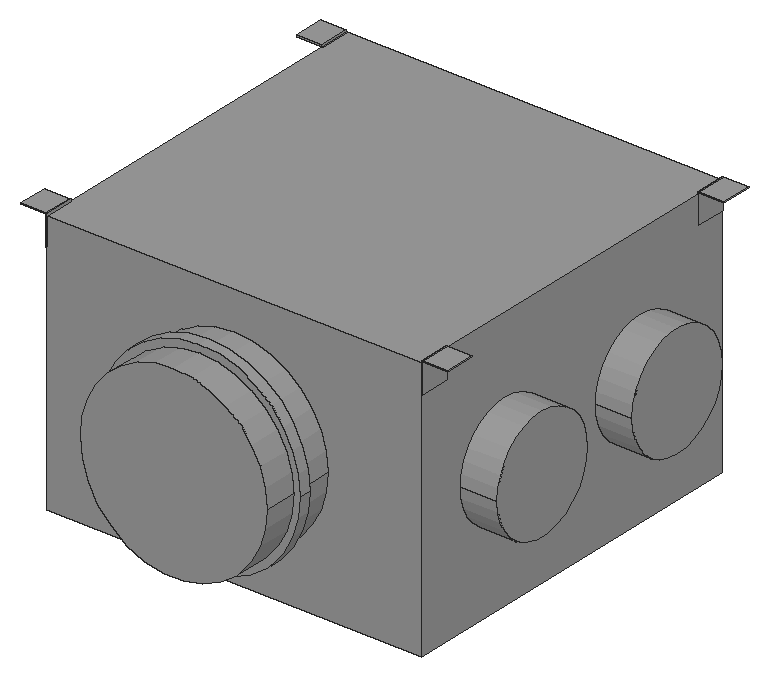
Revit family "SA_FASU(F5-150 250Φ)", category ダクト付属品, Revit 2022
Family settings
  丸型コネクタ寸法 = 直径を使用
  パーツ タイプ = ダンパー
  OmniClass 番号 = 23.75.00.00
  OmniClass タイトル = Climate Control (HVAC)
  作業面ベース = いいえ
  常に垂直 = はい
  ロード時にボイドで切り取り = いいえ
  共有 = いいえ
Parameters
  高さ = 350 mm
  風量 [instance] = 0.0 L/s
  符号 = "FASU"
  形式 = "F5-150 250φ"
  幅 [instance] = 500 mm
  奥行き = 500 mm
  大きさ = 250 mm
  呼称 = "FASUチャンバー"
  付属品_下端レベル [instance] = 0 mm
  マテリアル [instance] = 既定値
  ダクト_イン = 250 mm
  ダクト_アウト = 150 mm
  既定の高さ = 0 mm
Reference planes
  plane 1 "中心(正面/背面)": y = 0
  plane 2: z = 0
  plane 3 "中心(左/右)": x = 0
  plane 4: x = -250
  plane 5: x = 250
  plane 6: y = -500
  plane 7: z = 350
  plane 8: z = 175
  plane 9: z = 266.963
  plane 10: z = 86.159
  plane 11: x = -125
  plane 12: x = 125
  plane 13: x = -135
  plane 14: x = 135
  plane 15: x = -251
  plane 16: z = 313.122
  plane 17: z = 352.122
  plane 18: y = -250
Forms (mm)
  Extrusion 1, solid, material "既定値" <- "マテリアル"
    sketch origin (0, 0, 0) x (1, 0, 0) y (0, 1, 0)
      loop
        line (-250, 0) -> (-250, -500) -> (250, -500) -> (250, 0) -> (-250, 0)
    from 0 to 350
  Extrusion 2, solid, material "既定値" <- "マテリアル"
    sketch origin (0, -30, 0) x (1, 0, 0) y (0, 0, 1)
      loop
        circle (0, 175) r 125
    from 470 to 512.5
  Extrusion 3, solid, material "既定値" <- "マテリアル"
    sketch origin (0, -30, 0) x (1, 0, 0) y (0, 0, 1)
      loop
        circle (0, 175) r 135
    from 512.5 to 527.5
  Extrusion 4, solid, material "既定値" <- "マテリアル"
    sketch origin (0, -117.5, 0) x (1, 0, 0) y (0, 0, 1)
      loop
        circle (0, 175) r 125
    from 440 to 482.5
  Extrusion 5, solid, material "既定値" <- "マテリアル"
    sketch origin (0, -30, 0) x (0, 1, 0) y (0, 0, 1)
      loop
        circle (-332.5, 175) r 74.985
    from -300 to -250
  Extrusion 6, solid, material "既定値" <- "マテリアル"
    sketch origin (550, -30, 0) x (0, 1, 0) y (0, 0, 1)
      loop
        circle (-332.5, 175) r 74.985
    from -300 to -250
  Extrusion 7, solid, material "既定値" <- "マテリアル"
    sketch origin (0, -30, 0) x (1, 0, 0) y (0, 1, 0)
      loop
        line (-250, 30) -> (-251, 30) -> (-251, -10) -> (-250, -10) -> (-250, 30)
    from 313.122 to 350
  Extrusion 8, solid, material "既定値" <- "マテリアル"
    sketch origin (0, -30, 0) x (1, 0, 0) y (0, 1, 0)
      loop
        line (-285, 30) -> (-285, -10) -> (-251, -10) -> (-251, 30) -> (-285, 30)
    from 352.122 to 350
  Extrusion 9, solid, material "既定値" <- "マテリアル"
    sketch origin (0, -30, 0) x (-1, 0, 0) y (0, -1, 0)
      loop
        line (-250, -30) -> (-250, 10) -> (-251, 10) -> (-251, -30) -> (-250, -30)
    from 313.122 to 353.122
  Extrusion 10, solid, material "既定値" <- "マテリアル"
    sketch origin (0, -30, 0) x (-1, 0, 0) y (0, -1, 0)
      loop
        line (-285, -30) -> (-251, -30) -> (-251, 10) -> (-285, 10) -> (-285, -30)
    from 352.122 to 353.122
  Extrusion 11, solid, material "既定値" <- "マテリアル"
    sketch origin (0, -490, 0) x (1, 0, 0) y (0, 1, 0)
      loop
        line (-285, 30) -> (-285, -10) -> (-251, -10) -> (-251, 30) -> (-285, 30)
    from 352.122 to 353.122
  Extrusion 12, solid, material "既定値" <- "マテリアル"
    sketch origin (0, -490, 0) x (1, 0, 0) y (0, 1, 0)
      loop
        line (-250, 30) -> (-251, 30) -> (-251, -10) -> (-250, -10) -> (-250, 30)
    from 313.122 to 353.122
  Extrusion 13, solid, material "既定値" <- "マテリアル"
    sketch origin (0, -490, 0) x (-1, 0, 0) y (0, -1, 0)
      loop
        line (-285, -30) -> (-251, -30) -> (-251, 10) -> (-285, 10) -> (-285, -30)
    from 352.122 to 353.122
  Extrusion 14, solid, material "既定値" <- "マテリアル"
    sketch origin (0, -490, 0) x (-1, 0, 0) y (0, -1, 0)
      loop
        line (-250, -30) -> (-250, 10) -> (-251, 10) -> (-251, -30) -> (-250, -30)
    from 313.122 to 353.122
  Extrusion 15, solid, material "既定値" <- "マテリアル"
    sketch origin (-332.5, 300, 0) x (-1, 0, 0) y (0, 0, 1)
      loop
        circle (-332.5, 175) r 74.985
    from -300 to -250
  Extrusion 16, solid, material "既定値" <- "マテリアル"
    sketch origin (550, -470, 0) x (0, -1, 0) y (0, 0, -1)
      loop
        circle (-332.5, -175) r 74.985
    from -300 to -250
  Extrusion 17, solid, material "既定値" <- "マテリアル"
    sketch origin (-550, -470, 0) x (0, -1, 0) y (0, 0, 1)
      loop
        circle (-332.5, 175) r 74.985
    from -300 to -250
Lines and regions (mm)
  model lines
    curve 1: line (-250, -30, 0) -> (250, -30, 0)
    curve 2: line (-250, -470, 0) -> (250, -470, 0)
Text (mm)
  text "FASU(F5-150 250Φ)" at (120.822, -450.782, 0), in view "参照レベル"
Dimensions and locks
  equal spacing: plane 4, plane 3 "中心(左/右)", plane 5
  "幅": plane 4 to plane 5
  "奥行き": plane 6 to plane 1 "中心(正面/背面)"
  "高さ": plane 7 to level
  equal spacing: plane 7, plane 8, level
  equal spacing: plane 6, plane 18, plane 1 "中心(正面/背面)"
  aligned and locked: level to plane 2
  aligned and locked: Extrusion 1 sketch curve to plane 5
  aligned and locked: plane 7 to Extrusion 1
  aligned and locked: plane 4 to Extrusion 5
  aligned and locked: Extrusion 6 to plane 5
  aligned and locked: Extrusion 7 sketch curve to Extrusion 1
  aligned and locked: plane 7 to Extrusion 7
  aligned and locked: Extrusion 8 sketch curve to Extrusion 7
  aligned and locked: Extrusion 7 to Extrusion 8 sketch curve
  aligned and locked: plane 7 to Extrusion 8
  aligned and locked: Extrusion 8 to plane 17
  aligned and locked: Extrusion 9 to Extrusion 10 sketch curve
  aligned and locked: Extrusion 10 sketch curve to Extrusion 9
  aligned and locked: Extrusion 3 to Extrusion 4
  aligned and locked: Extrusion 3 to Extrusion 2
  aligned and locked: Extrusion 1 to Extrusion 13
  aligned and locked: Extrusion 11 to Extrusion 1
  aligned and locked: Extrusion 12 to Extrusion 1
  aligned and locked: Extrusion 1 to Extrusion 14
  aligned and locked: Extrusion 14 to Extrusion 13
  aligned and locked: Extrusion 12 to Extrusion 11
  aligned and locked: plane 4 to Extrusion 12
  aligned and locked: Extrusion 14 to plane 5
  aligned and locked: plane 4 to curve 1
  aligned and locked: plane 5 to curve 1
  aligned and locked: plane 5 to curve 2
  aligned and locked: plane 4 to curve 2
  aligned and locked: Extrusion 1 to Extrusion 8
  aligned and locked: Extrusion 10 to Extrusion 1
  aligned and locked: Extrusion 9 to plane 5
  aligned and locked: Extrusion 15 to Extrusion 1
  aligned and locked: Extrusion 1 to plane 6
  aligned and locked: Extrusion 1 to plane 1 "中心(正面/背面)"
  aligned and locked: plane 6 to Extrusion 2
  aligned and locked: Extrusion 16 to plane 5
  aligned and locked: plane 4 to Extrusion 17
Automatic sketch dimensions
  plane 6 to curve 2 = 30 mm
  plane 1 "中心(正面/背面)" to curve 1 = 30 mm
  Extrusion 1 sketch curve to plane 4 = 0 mm
  Extrusion 1 sketch curve to plane 6 = 0 mm
  plane 1 "中心(正面/背面)" to Extrusion 1 sketch curve = 0 mm
  Extrusion 2 sketch curve to plane 3 "中心(左/右)" = 0 mm
  Extrusion 2 sketch curve to plane 8 = 0 mm
  Extrusion 3 sketch curve to plane 3 "中心(左/右)" = 0 mm
  Extrusion 3 sketch curve to plane 8 = 0 mm
  Extrusion 4 sketch curve to plane 3 "中心(左/右)" = 0 mm
  Extrusion 4 sketch curve to plane 8 = 0 mm
  Extrusion 5 sketch curve to plane 8 = 0 mm
  Extrusion 6 sketch curve to plane 8 = 0 mm
  plane 1 "中心(正面/背面)" to Extrusion 7 sketch curve = 0 mm
  Extrusion 7 sketch curve to plane 15 = 0 mm
  Extrusion 7 sketch curve to Extrusion 7 sketch curve = 40 mm
  plane 1 "中心(正面/背面)" to Extrusion 8 sketch curve = 0 mm
  Extrusion 8 sketch curve to Extrusion 8 sketch curve = 34 mm
  plane 1 "中心(正面/背面)" to Extrusion 9 sketch curve = 0 mm
  Extrusion 9 sketch curve to plane 5 = 0 mm
  Extrusion 9 sketch curve to Extrusion 9 sketch curve = 1 mm
  Extrusion 9 sketch curve to Extrusion 9 sketch curve = 40 mm
  plane 1 "中心(正面/背面)" to Extrusion 10 sketch curve = 0 mm
  Extrusion 10 sketch curve to Extrusion 10 sketch curve = 34 mm
  Extrusion 11 sketch curve to plane 6 = 0 mm
  Extrusion 11 sketch curve to plane 15 = 0 mm
  Extrusion 11 sketch curve to Extrusion 11 sketch curve = 34 mm
  Extrusion 12 sketch curve to plane 15 = 0 mm
  Extrusion 12 sketch curve to plane 4 = 0 mm
  Extrusion 12 sketch curve to plane 6 = 0 mm
  Extrusion 13 sketch curve to plane 6 = 0 mm
  Extrusion 13 sketch curve to plane 5 = 35 mm
  Extrusion 13 sketch curve to plane 5 = 1 mm
  Extrusion 14 sketch curve to plane 6 = 0 mm
  Extrusion 14 sketch curve to plane 5 = 0 mm
  Extrusion 14 sketch curve to Extrusion 14 sketch curve = 1 mm
  Extrusion 15 sketch curve to plane 3 "中心(左/右)" = 0 mm
  Extrusion 15 sketch curve to plane 8 = 0 mm
  Extrusion 16 sketch curve to plane 8 = 0 mm
  plane 18 to Extrusion 16 sketch curve = 112.5 mm
  Extrusion 17 sketch curve to plane 8 = 0 mm
  plane 18 to Extrusion 17 sketch curve = 112.5 mm
  Extrusion 5 sketch curve to plane 18 = 112.5 mm
  Extrusion 6 sketch curve to plane 18 = 112.5 mm
  plane 6 to Extrusion 11 sketch curve = 40 mm
  plane 6 to Extrusion 12 sketch curve = 40 mm
  Extrusion 13 sketch curve to plane 6 = 40 mm
  Extrusion 14 sketch curve to plane 6 = 40 mm
  radius of Extrusion 2 sketch curve = 125 mm
  radius of Extrusion 3 sketch curve = 135 mm
  radius of Extrusion 4 sketch curve = 125 mm
  radius of Extrusion 5 sketch curve = 74.985 mm
  radius of Extrusion 6 sketch curve = 74.985 mm
  radius of Extrusion 15 sketch curve = 74.985 mm
  radius of Extrusion 16 sketch curve = 74.985 mm
  radius of Extrusion 17 sketch curve = 74.985 mm
Connectors
  hvac at (300, -362.5, 175), driven by "ダクト_アウト"
    settings: on Extrusion 6, index 11, duct flow 0.0 L/s, flow factor 0, pres drop 0.0 Pa, loss coef 0, conn angle 0.00°, conn width 304.8 mm, conn height 304.8 mm, conn diameter 150 mm, duct sys type 29, conn prof type 0, flow config 0, flow direction 2, loss method 0, conn ref index -1, conn util no, is conn primary yes, conn desc ""
  hvac at (-300, -362.5, 175), driven by "ダクト_アウト"
    settings: on Extrusion 5, index 12, duct flow 0.0 L/s, flow factor 0, pres drop 0.0 Pa, loss coef 0, conn angle 0.00°, conn width 304.8 mm, conn height 304.8 mm, conn diameter 150 mm, duct sys type 29, conn prof type 0, flow config 0, flow direction 0, loss method 0, conn ref index -1, conn util no, is conn primary no, conn desc ""
  hvac at (-300, -137.5, 175), driven by "ダクト_アウト"
    settings: on Extrusion 17, index 13, duct flow 0.0 L/s, flow factor 0, pres drop 0.0 Pa, loss coef 0, conn angle 0.00°, conn width 304.8 mm, conn height 304.8 mm, conn diameter 150 mm, duct sys type 29, conn prof type 0, flow config 0, flow direction 0, loss method 0, conn ref index -1, conn util no, is conn primary no, conn desc ""
  hvac at (0, 50, 175), driven by "ダクト_アウト"
    settings: on Extrusion 15, index 14, duct flow 0.0 L/s, flow factor 0, pres drop 0.0 Pa, loss coef 0, conn angle 0.00°, conn width 304.8 mm, conn height 304.8 mm, conn diameter 150 mm, duct sys type 29, conn prof type 0, flow config 0, flow direction 0, loss method 0, conn ref index -1, conn util no, is conn primary no, conn desc ""
  hvac at (300, -137.5, 175), driven by "ダクト_アウト"
    settings: on Extrusion 16, index 15, duct flow 0.0 L/s, flow factor 0, pres drop 0.0 Pa, loss coef 0, conn angle 0.00°, conn width 304.8 mm, conn height 304.8 mm, conn diameter 150 mm, duct sys type 29, conn prof type 0, flow config 0, flow direction 0, loss method 0, conn ref index -1, conn util no, is conn primary no, conn desc ""
  hvac at (0, -600, 175), driven by "ダクト_イン"
    settings: on Extrusion 4, index 16, duct flow 0.0 L/s, flow factor 0, pres drop 0.0 Pa, loss coef 0, conn angle 0.00°, conn width 304.8 mm, conn height 304.8 mm, conn diameter 250 mm, duct sys type 29, conn prof type 0, flow config 0, flow direction 1, loss method 0, conn ref index -1, conn util no, is conn primary no, conn desc ""
